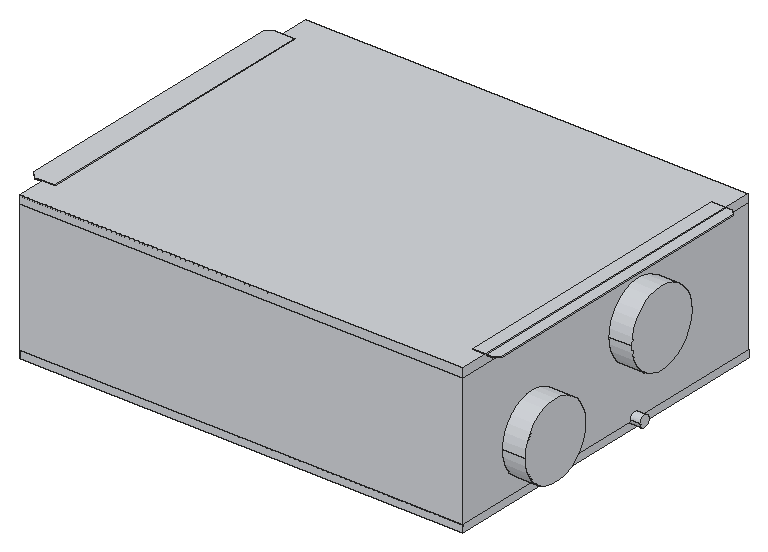
Revit family "447801 SENTINEL KINETIC 300Z", category Mechanical Equipment, Revit 2013
Parameters (values of type "300ZH")
  Width (excluding Spigots) = 720 mm
  Weight = "38kg"
  Warranty period = "Unit 2 Years , Motor 5 Years"
  Sub Type = "300ZH"
  Spigot Diameter = 150 mm
  Product Description = "Kinetic 300Z Horizontal wth Humidity Sensor"
  Part Number = "449536"
  Options = ""
  Operational and Maintenance Manual = "http://www.vent-axia.com/files/pdf-downloads/449356%20C.pdf"
  Operating Temperature = "(-10C to +40C)"
  Operating Humidity = "0% to 95% RH"
  Motor Rating = "150 Watts (max)"
  Manufacturer - Website = "www.vent-axia.com"
  Manufacturer - Name = "Vent-Axia Ltd"
  Manufacturer - Email = "sales@vent-axia.com"
  Manufacturer - Contact Phone = "0844 856 0590"
  Manufacturer - Address = "Fleming Way, Crawley, West Sussex RH10 9YX"
  Length (excluding spigots) = 940 mm
  Length (including Spigots) = 985 mm
  IP Rating = "IP22"
  Height (excluding Spigots) = 301 mm
  Family = "Kinetic"
  Condensate Pipe Diameter = 22 mm
  Category = "Sentinel Kinetic"
  AC Voltage Input = "220-240 V AC (single phase)"
  AC Frequency Input = "50Hz nominal"
Types (3, lengths in mm): name | Sub Type | Product Description | Part Number
  (no name) | "300ZH" | "Kinetic 300Z Horizontal wth Humidity Sensor" | "449536"
  300ZH | "300ZH" | "Kinetic 300Z Horizontal wth Humidity Sensor" | "449536"
  300Z | "300Z" | "Kinetic 300Z Horizontal" | "447801"
Reference planes
  plane 1 "Center (Front/Back)": y = 0
  plane 2: z = 0
  plane 3 "Center (Left/Right)": x = 0
Forms (mm)
  Extrusion 1, solid
    sketch origin (140.805, -88.9, 787.4) x (0, 1, 0) y (-1, 0, 0)
      loop
        line (446, 582.705) -> (-268.2, 582.705) -> (-268.2, -304.195) -> (446, -304.195) -> (446, 582.705)
    from -492.7 to -784.7
  Extrusion 2, solid
    sketch origin (140.805, -88.9, 788.963) x (0, 1, 0) y (-1, 0, 0)
      loop
        line (376.9, 610.805) -> (-199.1, 610.805) -> (-211.1, 598.805) -> (-211.1, 558.805) -> (388.9, 558.805) -> (388.9, 598.805) -> (376.9, 610.805)
    from -492.663 to -494.262
  Extrusion 3, solid
    sketch origin (-140.805, -88.9, 788.963) x (0, 1, 0) y (-1, 0, 0)
      loop
        line (376.9, -610.805) -> (388.9, -598.805) -> (388.9, -558.805) -> (-211.1, -558.805) -> (-211.1, -598.805) -> (-199.1, -610.805) -> (376.9, -610.805)
    from -492.663 to -494.262
  Extrusion 4, solid
    sketch origin (140.805, -88.9, 787.4) x (0, 1, 0) y (-1, 0, 0)
      loop
        line (446, -304.195) -> (446, 582.705) -> (-268.2, 582.705) -> (-268.2, -304.195) -> (446, -304.195)
    from -491.1 to -507.7
  Extrusion 5, solid
    sketch origin (140.805, -88.9, -490) x (1, 0, 0) y (0, 1, 0)
      loop
        line (304.195, 446) -> (-582.705, 446) -> (-582.705, -268.2) -> (304.195, -268.2) -> (304.195, 446)
    from 505.9 to 490.9
  Extrusion 6, solid
    sketch origin (0, 0, 0) x (0, 1, 0) y (0, 0, 1)
      loop
        circle (177.891, 107.628) r 75
      loop
        circle (-180.859, 107.628) r 75
    from -448.1 to -492.3
  Extrusion 7, solid
    sketch origin (-566.675, 0, -149.86) x (0, 0, 1) y (0, -1, 0)
      loop
        circle (257.66, 185.2) r 75
      loop
        circle (342.66, -81.2) r 75
    from 1058.975 to 1008.975
  Extrusion 8, solid
    sketch origin (-566.675, 0, -149.86) x (0, 0, 1) y (0, -1, 0)
      loop
        circle (170.494, -70.855) r 11
    from 1032.981 to 1008.975
  Revolve 9, solid
    sketch origin (0, 326.201, -0.047) x (1, 0, 0) y (0, 0, 1)
      loop
        line (-446.1, 107.8) -> (-446.1, 98.969)
        arc (-446.1, 98.969) -> (-445.514, 97.554) -> (-444.1, 96.969) r 2
        line (-444.1, 96.969) -> (-441.9, 96.969) -> (-441.9, 107.8) -> (-446.1, 107.8)
      axis (-446.1, 107.8) -> (-441.9, 107.8)
    angle from 0 to 360
  Revolve 10, solid
    sketch origin (0, 326.201, -30.047) x (1, 0, 0) y (0, 0, 1)
      loop
        line (-446.1, 107.8) -> (-446.1, 98.969)
        arc (-446.1, 98.969) -> (-445.514, 97.554) -> (-444.1, 96.969) r 2
        line (-444.1, 96.969) -> (-441.9, 96.969) -> (-441.9, 107.8) -> (-446.1, 107.8)
      axis (-446.1, 107.8) -> (-441.9, 107.8)
    angle from 0 to 360
  Revolve 11, solid
    sketch origin (0, 326.201, -60.047) x (1, 0, 0) y (0, 0, 1)
      loop
        line (-446.1, 107.8) -> (-446.1, 98.969)
        arc (-446.1, 98.969) -> (-445.514, 97.554) -> (-444.1, 96.969) r 2
        line (-444.1, 96.969) -> (-441.9, 96.969) -> (-441.9, 107.8) -> (-446.1, 107.8)
      axis (-446.1, 107.8) -> (-441.9, 107.8)
    angle from 0 to 360
  Revolve 12, solid
    sketch origin (0, 291.201, -0.047) x (1, 0, 0) y (0, 0, 1)
      loop
        line (-446.1, 107.8) -> (-446.1, 98.969)
        arc (-446.1, 98.969) -> (-445.514, 97.554) -> (-444.1, 96.969) r 2
        line (-444.1, 96.969) -> (-441.9, 96.969) -> (-441.9, 107.8) -> (-446.1, 107.8)
      axis (-446.1, 107.8) -> (-441.9, 107.8)
    angle from 0 to 360
  Revolve 13, solid
    sketch origin (0, 291.201, -30.047) x (1, 0, 0) y (0, 0, 1)
      loop
        line (-446.1, 107.8) -> (-446.1, 98.969)
        arc (-446.1, 98.969) -> (-445.514, 97.554) -> (-444.1, 96.969) r 2
        line (-444.1, 96.969) -> (-441.9, 96.969) -> (-441.9, 107.8) -> (-446.1, 107.8)
      axis (-446.1, 107.8) -> (-441.9, 107.8)
    angle from 0 to 360
  Revolve 14, solid
    sketch origin (0, 291.201, -60.047) x (1, 0, 0) y (0, 0, 1)
      loop
        line (-446.1, 107.8) -> (-446.1, 98.969)
        arc (-446.1, 98.969) -> (-445.514, 97.554) -> (-444.1, 96.969) r 2
        line (-444.1, 96.969) -> (-441.9, 96.969) -> (-441.9, 107.8) -> (-446.1, 107.8)
      axis (-446.1, 107.8) -> (-441.9, 107.8)
    angle from 0 to 360
Connectors
  hvac at (492.3, -185.2, 107.8)
    settings: on Extrusion 7, index 1, duct flow 0.0 L/s, flow factor 0, pres drop 0.0 Pa, loss coef 0, conn angle 0.00°, conn width 304.8 mm, conn height 304.8 mm, conn radius 75 mm, duct sys type 1, conn prof type 0, flow config 0, flow direction 2, loss method 0, conn ref index -1, conn util no, is conn primary yes, conn desc ""
  hvac at (492.3, 81.2, 192.8)
    settings: on Extrusion 7, index 2, duct flow 0.0 L/s, flow factor 0, pres drop 0.0 Pa, loss coef 0, conn angle 0.00°, conn width 304.8 mm, conn height 304.8 mm, conn radius 75 mm, duct sys type 2, conn prof type 0, flow config 0, flow direction 1, loss method 0, conn ref index -1, conn util no, is conn primary no, conn desc ""
  hvac at (-492.3, -180.859, 107.628)
    settings: on Extrusion 6, index 3, duct flow 0.0 L/s, flow factor 0, pres drop 0.0 Pa, loss coef 0, conn angle 0.00°, conn width 304.8 mm, conn height 304.8 mm, conn radius 75 mm, duct sys type 1, conn prof type 0, flow config 0, flow direction 1, loss method 0, conn ref index -1, conn util no, is conn primary no, conn desc ""
  hvac at (-492.3, 177.891, 107.628)
    settings: on Extrusion 6, index 4, duct flow 0.0 L/s, flow factor 0, pres drop 0.0 Pa, loss coef 0, conn angle 0.00°, conn width 304.8 mm, conn height 304.8 mm, conn radius 75 mm, duct sys type 2, conn prof type 0, flow config 0, flow direction 2, loss method 0, conn ref index -1, conn util no, is conn primary no, conn desc ""
  piping at (466.306, 70.855, 20.634)
    settings: on Extrusion 8, index 5, connector radius 11 mm, flow factor 0, pipe flow 0.0 L/s, pressure drop 0.0 Pa, fitting loss kfactor 0, connector angle 0.00°, fixture units 0, engagement length 0 mm, flow configuration 0, flow direction 0, fitting loss method 0, system type 7, joint type 0, gender type 0, connector reference index -1, connector utility 0, adjustable connector no, is connector primary yes, fitting loss table "", connector description ""
